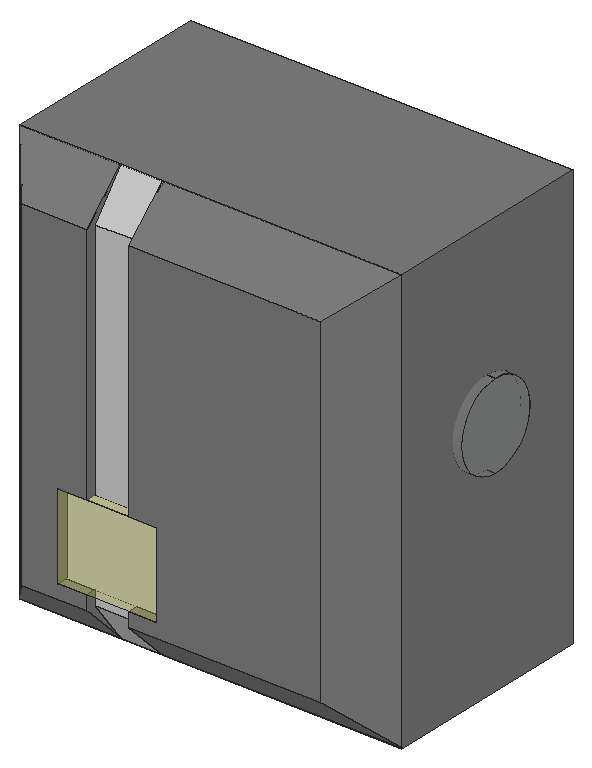
Revit family
Reference planes (in)
  plane 1 "Center (Front/Back)": y = 0
  plane 2: z = 0
  plane 3 "Center (Left/Right)": x = 0
Forms (in)
  Extrusion 1, solid, material "Default Wall"
    sketch origin (0.56837, 0, 0) x (1, 0, 0) y (0, 0, 1)
      loop
        line (-4.12296, 0) -> (0.36062, 0) -> (0.36062, 4.97419) -> (-4.12296, 4.97419) -> (-4.12296, 0)
    from 0 to 2.5
  Blend 2, solid, material "Black"
    base sketch origin (0.56837, -2.5, 0) x (1, 0, 0) y (0, 0, 1)
      loop
        line (-4.12296, 4.97419) -> (-4.12296, 0) -> (-2.94337, 0) -> (-2.94337, 0.66797) -> (-3.2754, 0.66797) -> (-3.2754, 1.66797) -> (-2.94337, 1.66797) -> (-2.94337, 4.97419) -> (-4.12296, 4.97419)
    top sketch origin (0.56837, -2.5, 0) x (1, 0, 0) y (0, 0, 1)
      loop
        line (-3.70024, 4.50836) -> (-3.70024, 0.5) -> (-2.94337, 0.5) -> (-2.94337, 0.66797) -> (-3.2754, 0.66797) -> (-3.2754, 1.66797) -> (-2.94337, 1.66797) -> (-2.94337, 4.50836) -> (-3.70024, 4.50836)
    from 0 to 0.5
  Blend 3, solid, material "Black"
    base sketch origin (-0.56837, -2.5, 0) x (-1, 0, 0) y (0, 0, -1)
      loop
        line (-1.49736, -4.97419) -> (1.30663, -4.97419) -> (1.30663, -1.66797) -> (0.9746, -1.66797) -> (0.9746, -0.66797) -> (1.30663, -0.66797) -> (1.30663, 0) -> (-1.49736, 0) -> (-1.49736, -4.97419)
    top sketch origin (-0.56837, -2.5, 0) x (-1, 0, 0) y (0, 0, -1)
      loop
        line (-0.93969, -4.50781) -> (1.30663, -4.50781) -> (1.30663, -1.66797) -> (0.9746, -1.66797) -> (0.9746, -0.66797) -> (1.30663, -0.66797) -> (1.30663, -0.5) -> (-0.93969, -0.5) -> (-0.93969, -4.50781)
    from 0 to 0.5
  Blend 4, solid, material "Pipes"
    base sketch origin (0.56837, -2.5, 0) x (1, 0, 0) y (0, 0, 1)
      loop
        line (-2.94337, 4.97419) -> (-2.94337, 1.66797) -> (-3.2754, 1.66797) -> (-3.2754, 0.66797) -> (-2.94337, 0.66797) -> (-2.94337, 0) -> (-2.44337, 0) -> (-2.44337, 0.66797) -> (-2.11133, 0.66797) -> (-2.11133, 1.66797) -> (-2.44337, 1.66797) -> (-2.44337, 4.97419) -> (-2.94337, 4.97419)
    top sketch origin (0.56837, -2.5, 0) x (1, 0, 0) y (0, 0, 1)
      loop
        line (-2.94337, 4.50765) -> (-2.94337, 1.66797) -> (-3.2754, 1.66797) -> (-3.2754, 0.66797) -> (-2.94337, 0.66797) -> (-2.94337, 0.5) -> (-2.44337, 0.5) -> (-2.44337, 0.66797) -> (-2.11133, 0.66797) -> (-2.11133, 1.66797) -> (-2.44337, 1.66797) -> (-2.44337, 4.50765) -> (-2.94337, 4.50765)
    from 0 to 0.375
  Extrusion 5, solid, material "Default Light Source"
    sketch origin (0.56837, -2.875, 0) x (1, 0, 0) y (0, 0, 1)
      loop
        line (-3.2754, 1.66797) -> (-3.2754, 0.66797) -> (-2.11133, 0.66797) -> (-2.11133, 1.66797) -> (-3.2754, 1.66797)
    from 0 to 0.125
  Extrusion 6, solid, material "Glass"
    sketch origin (-3.55459, 0, 1) x (0, 0, -1) y (0, -1, 0)
      loop
        circle (-1.60025, 1.43417) r 0.5
    from 0 to 0.11264
  Extrusion 7, solid, material "Glass"
    sketch origin (0.92899, 0, 0) x (0, 0, 1) y (0, -1, 0)
      loop
        circle (2.88419, 1.26668) r 0.5
    from 0 to 0.11562
Dimensions and locks (in)
  aligned and locked: level to plane 2
Connectors (in)
  piping at (-3.66723, -1.43417, 2.60025)
    settings: on Extrusion 6, index 2, connector radius 1/2", flow factor 0, pipe flow 0 GPM, pressure drop 0.00 psi, fitting loss kfactor 0, connector angle 0.00°, fixture units 0, flow configuration 2, flow direction 2, fitting loss method 2, system type 19, connector reference index -1, connector utility 0, adjustable connector no, is connector primary yes, fitting loss table "", connector description ""
  piping at (1.04461, -1.26668, 2.88419)
    settings: on Extrusion 7, index 3, connector radius 1/2", flow factor 0, pipe flow 0 GPM, pressure drop 0.00 psi, fitting loss kfactor 0, connector angle 0.00°, fixture units 0, flow configuration 2, flow direction 1, fitting loss method 2, system type 20, connector reference index -1, connector utility 0, adjustable connector no, is connector primary no, fitting loss table "", connector description ""
